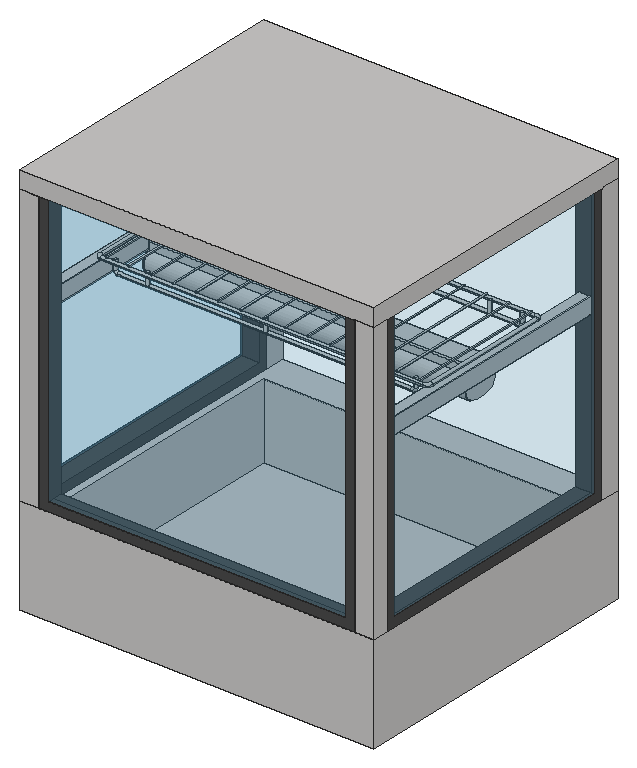
Revit family "QF_FESTIVE_DB7", category Specialty Equipment, Revit 2020
Family settings
  Round Connector Dimension = Use Diameter
  Part Type = Normal
  Work Plane-Based = No
  Always vertical = Yes
  Cut with Voids When Loaded = No
  Shared = No
  Room Calculation Point = No
Parameters (values of type "DB7")
  Weight in Pounds = 0
  Watts = if(Phase = 3, Volts * FL Amps * 1.73, Volts * FL Amps)  # 1914 W
  Volts = 220 V
  URL Cutsheet = ""
  Specification by User = ""
  Specification by Manufacturer = ""
  Serial Number = ""
  Seismic Rating = ""
  SMACNA No = ""
  Revision Code = ""
  Phase = 1
  Number of Poles = 1
  No. of Rail [instance] = Length / 50.8 mm  # 15
  NAFEM Spec ID Number = ""
  Model = "DB7"
  Min Ckt Ampacity = 0 A
  Max Overcurrent Protection = 0 A
  Masterspec = ""
  Manufacturer = "FESTIVE"
  Length = 745 mm
  Item Number = ""
  Installed By = ""
  Identify Quantity as Lot = yes
  Height = 830 mm
  HP = ""
  Furnished By = ""
  Foodservice Equipment Identifier = yes
  FL Amps = 8.7 A
  Electrical Remarks = ""
  Electric Connection Type = ""
  Elec Conn RI Height = 0 mm
  Elec Conn Connection Height = 0 mm
  Description = "DEVON: BAIN MARIE"
  Depth = 640 mm
  Default Elevation = 0 mm
  Cycle = 50 Hz
  Conn Plug = ""
  Conn Conduit = yes
  CSI MasterFormat = ""
  Apparent Power = if(Phase = 3, Volts * FL Amps * 1.73, Volts * FL Amps)  # 1914 VA
Reference planes
  plane 1 "BACK": y = 0
  plane 2: z = 0
  plane 3 "LEFT": x = 0
  plane 4 "RIGHT": x = 745
  plane 5 "FRONT": y = -640
  plane 6 "TOP": z = 830
  plane 7 "Center Y": x = 372.5
  plane 8 "Center X": y = -320
  plane 9: z = 205
  plane 10: x = 1459.9
  plane 11: x = 40.989
  plane 12: x = 704.011
Forms (mm)
  Extrusion 1, solid, material "QF_Metal - Stainless - Satin"
    sketch origin (0, 0, 0) x (0, 1, 0) y (0, 0, 1)
      loop
        line (0, 793) -> (0, 830) -> (-640, 830) -> (-640, 793) -> (0, 793)
    from 0 to 745
  Extrusion 2, solid, material "QF_Metal - Stainless - Satin"
    sketch origin (0, 0, 0) x (0, 1, 0) y (0, 0, 1)
      loop
        line (0, 793) -> (-40.1, 793) -> (-40.1, 205) -> (0, 205) -> (0, 793)
    from 0 to 40.1
  Extrusion 3, solid, material "QF_Metal - Stainless - Satin"
    sketch origin (0, 0, 0) x (0, 1, 0) y (0, 0, 1)
      loop
        line (-608, 793) -> (-640, 793) -> (-640, 205) -> (-608, 205) -> (-608, 793)
    from 0 to 40.1
  Extrusion 4, solid, material "QF_Metal - Stainless - Satin"
    sketch origin (745, 0, 0) x (0, -1, 0) y (0, 0, 1)
      loop
        line (0, 793) -> (0, 205) -> (40.1, 205) -> (40.1, 793) -> (0, 793)
    from 0 to 40.1
  Extrusion 5, solid, material "QF_Plastic - Black - Smooth"
    sketch origin (0, -640, 205) x (0, 0, -1) y (1, 0, 0)
      loop
        line (-588, 40.1) -> (0, 40.1) -> (0, 704.9) -> (-588, 704.9) -> (-588, 684.9) -> (-20, 684.9) -> (-20, 60.1) -> (-588, 60.1) -> (-588, 40.1)
    from 0 to -32
  Extrusion 6, solid, material "Glass"
    sketch origin (0, -640, 205) x (0, 0, -1) y (1, 0, 0)
      loop
        line (-588, 60.1) -> (-20, 60.1) -> (-20, 684.9) -> (-588, 684.9) -> (-588, 60.1)
    from 0 to -10
  Extrusion 7, solid, material "QF_Plastic - Black - Smooth"
    sketch origin (0, 0, 0) x (0, -1, 0) y (0, 0, 1)
      loop
        line (40.1, 793) -> (40.1, 205) -> (608, 205) -> (608, 793) -> (588, 793) -> (588, 225) -> (60.1, 225) -> (60.1, 793) -> (40.1, 793)
    from 0 to -40.1
  Extrusion 8, solid, material "Glass"
    sketch origin (0, 0, 0) x (0, 1, 0) y (0, 0, -1)
      loop
        line (-588, -793) -> (-60.1, -793) -> (-60.1, -225) -> (-588, -225) -> (-588, -793)
    from 0 to -5.1
  Sweep 9, solid, material "QF_Metal - Stainless - Satin"
    path origin (0, 0, 598.437) x (1, 0, 0) y (0, 1, 0)
      loop
        arc (33.118, -173.147) -> (27.808, -175.347) -> (25.609, -180.657) r 7.509
        line (25.609, -180.657) -> (25.609, -458.823)
        arc (25.609, -458.823) -> (27.805, -464.127) -> (33.109, -466.323) r 7.5
        line (33.109, -466.323) -> (711.437, -466.323)
        arc (711.437, -466.323) -> (716.741, -464.127) -> (718.937, -458.823) r 7.5
        line (718.937, -458.823) -> (718.937, -180.647)
        arc (718.937, -180.647) -> (716.741, -175.344) -> (711.437, -173.147) r 7.5
        line (711.437, -173.147) -> (33.118, -173.147)
    profile origin (372.278, -173.147, 598.437) x (0, 1, 0) y (0, 0, 1)
      loop
        circle (0.813, 0) r 3.5
  Sweep 10, solid, material "QF_Metal - Stainless - Satin"
    path origin (0, -459.587, 0) x (1, 0, 0) y (0, 0, 1)
      loop
        line (56, 600.75) -> (56, 583.379)
        arc (56, 583.379) -> (58.255, 577.934) -> (63.7, 575.679) r 7.7
        line (63.7, 575.679) -> (681.29, 575.679)
        arc (681.29, 575.679) -> (686.742, 577.937) -> (689, 583.389) r 7.71
        line (689, 583.389) -> (689, 600.75)
    profile origin (56, -459.587, 592.064) x (0, -1, 0) y (1, 0, 0)
      loop
        circle (0, 0) r 3.5
  Extrusion 11, solid, material "QF_Metal - Stainless - Satin"
    sketch origin (-90, 0, 0) x (1, 0, 0) y (0, 1, 0)
      loop
        circle (214.245, -459.502) r 3.409
    from 576.5 to 600.75
  Extrusion 12, solid, material "QF_Metal - Stainless - Satin"
    sketch origin (483.255, 0, 0) x (1, 0, 0) y (0, 1, 0)
      loop
        circle (-110.755, -459.502) r 3.409
    from 576.5 to 600.75
  Extrusion 13, solid, material "QF_Metal - Stainless - Satin"
    sketch origin (0, 0, 0) x (1, 0, 0) y (0, 0, 1)
      loop
        circle (42.498, 603.487) r 1.509
    from 173.5 to 466.5
  Sweep 14, solid, material "QF_Metal - Stainless - Satin"
    path origin (0, -180.413, 0) x (1, 0, 0) y (0, 0, -1)
      loop
        line (56, -600.75) -> (56, -583.379)
        arc (56, -583.379) -> (58.255, -577.934) -> (63.7, -575.679) r 7.7
        line (63.7, -575.679) -> (681.29, -575.679)
        arc (681.29, -575.679) -> (686.742, -577.937) -> (689, -583.389) r 7.71
        line (689, -583.389) -> (689, -600.75)
    profile origin (56, -180.413, 592.064) x (0, 1, 0) y (-1, 0, 0)
      loop
        circle (0, 0) r 3.5
  Extrusion 15, solid, material "QF_Metal - Stainless - Satin"
    sketch origin (-90, -640, 0) x (1, 0, 0) y (0, 1, 0)
      loop
        circle (214.245, 459.502) r 3.409
    from 576.5 to 600.75
  Extrusion 16, solid, material "QF_Metal - Stainless - Satin"
    sketch origin (483.255, -640, 0) x (1, 0, 0) y (0, 1, 0)
      loop
        circle (-110.755, 459.502) r 3.409
    from 576.5 to 600.75
  Extrusion 17, solid, material "QF_Metal - Stainless - Satin"
    sketch origin (0, -650.445, 0) x (1, 0, 0) y (0, -1, 0)
      loop
        line (745, -10.445) -> (0, -10.445) -> (0, -650.445) -> (745, -650.445) -> (745, -10.445)
      loop
        line (57, -65.445) -> (57, -580.445) -> (690, -580.445) -> (690, -65.445) -> (57, -65.445)
    from 0 to -205
  Extrusion 18, solid, material "QF_Metal - Stainless - Satin"
    sketch origin (0, -650.445, 0) x (0, 1, 0) y (1, 0, 0)
      loop
        line (65.445, 57) -> (580.445, 57) -> (580.445, 690) -> (65.445, 690) -> (65.445, 57)
    from 0 to -47
  Extrusion 19, solid, material "QF_Metal - Stainless - Satin"
    sketch origin (347, 0, -216.078) x (0, 1, 0) y (0, 0, 1)
      loop
        line (-345, 792.076) -> (-345, 776.085)
        arc (-345, 776.085) -> (-357.596, 753.232) -> (-345, 730.378) r 27.029
        arc (-345, 730.378) -> (-320, 727.581) -> (-295, 730.378) r 113.108
        arc (-295, 730.378) -> (-282.404, 753.232) -> (-295, 776.085) r 27.029
        line (-295, 776.085) -> (-295, 792.076)
        arc (-295, 792.076) -> (-295.856, 794.144) -> (-297.924, 795) r 2.924
        line (-297.924, 795) -> (-342.076, 795)
        arc (-342.076, 795) -> (-344.144, 794.144) -> (-345, 792.076) r 2.924
    from -313 to 364
  Extrusion 20, solid, material "QF_Metal - Stainless - Satin"
    sketch origin (-28, 0, -216.078) x (0, 1, 0) y (0, 0, 1)
      loop
        arc (-295, 792.076) -> (-295.856, 794.144) -> (-297.924, 795) r 2.924
        line (-297.924, 795) -> (-342.076, 795)
        arc (-342.076, 795) -> (-344.144, 794.144) -> (-345, 792.076) r 2.924
        line (-345, 792.076) -> (-345, 776.085)
        arc (-345, 776.085) -> (-357.596, 753.232) -> (-345, 730.378) r 27.029
        arc (-345, 730.378) -> (-320, 727.581) -> (-295, 730.378) r 113.108
        arc (-295, 730.378) -> (-282.404, 753.232) -> (-295, 776.085) r 27.029
        line (-295, 776.085) -> (-295, 792.076)
      loop
        arc (-298.5, 786) -> (-298.793, 786.707) -> (-299.5, 787) r 1
        line (-299.5, 787) -> (-301.5, 787)
        arc (-301.5, 787) -> (-302.207, 786.707) -> (-302.5, 786) r 1
        line (-302.5, 786) -> (-302.5, 774)
        arc (-302.5, 774) -> (-302.207, 773.293) -> (-301.5, 773) r 1
        line (-301.5, 773) -> (-299.5, 773)
        arc (-299.5, 773) -> (-298.793, 773.293) -> (-298.5, 774) r 1
        line (-298.5, 774) -> (-298.5, 786)
      loop
        arc (-305, 786) -> (-305.293, 786.707) -> (-306, 787) r 1
        line (-306, 787) -> (-308, 787)
        arc (-308, 787) -> (-308.707, 786.707) -> (-309, 786) r 1
        line (-309, 786) -> (-309, 774)
        arc (-309, 774) -> (-308.707, 773.293) -> (-308, 773) r 1
        line (-308, 773) -> (-306, 773)
        arc (-306, 773) -> (-305.293, 773.293) -> (-305, 774) r 1
        line (-305, 774) -> (-305, 786)
      loop
        arc (-311.5, 786) -> (-311.793, 786.707) -> (-312.5, 787) r 1
        line (-312.5, 787) -> (-314.5, 787)
        arc (-314.5, 787) -> (-315.207, 786.707) -> (-315.5, 786) r 1
        line (-315.5, 786) -> (-315.5, 774)
        arc (-315.5, 774) -> (-315.207, 773.293) -> (-314.5, 773) r 1
        line (-314.5, 773) -> (-312.5, 773)
        arc (-312.5, 773) -> (-311.793, 773.293) -> (-311.5, 774) r 1
        line (-311.5, 774) -> (-311.5, 786)
      loop
        arc (-318, 786) -> (-318.293, 786.707) -> (-319, 787) r 1
        line (-319, 787) -> (-321, 787)
        arc (-321, 787) -> (-321.707, 786.707) -> (-322, 786) r 1
        line (-322, 786) -> (-322, 774)
        arc (-322, 774) -> (-321.707, 773.293) -> (-321, 773) r 1
        line (-321, 773) -> (-319, 773)
        arc (-319, 773) -> (-318.293, 773.293) -> (-318, 774) r 1
        line (-318, 774) -> (-318, 786)
      loop
        arc (-324.5, 786) -> (-324.793, 786.707) -> (-325.5, 787) r 1
        line (-325.5, 787) -> (-327.5, 787)
        arc (-327.5, 787) -> (-328.207, 786.707) -> (-328.5, 786) r 1
        line (-328.5, 786) -> (-328.5, 774)
        arc (-328.5, 774) -> (-328.207, 773.293) -> (-327.5, 773) r 1
        line (-327.5, 773) -> (-325.5, 773)
        arc (-325.5, 773) -> (-324.793, 773.293) -> (-324.5, 774) r 1
        line (-324.5, 774) -> (-324.5, 786)
      loop
        arc (-331, 786) -> (-331.293, 786.707) -> (-332, 787) r 1
        line (-332, 787) -> (-334, 787)
        arc (-334, 787) -> (-334.707, 786.707) -> (-335, 786) r 1
        line (-335, 786) -> (-335, 774)
        arc (-335, 774) -> (-334.707, 773.293) -> (-334, 773) r 1
        line (-334, 773) -> (-332, 773)
        arc (-332, 773) -> (-331.293, 773.293) -> (-331, 774) r 1
        line (-331, 774) -> (-331, 786)
      loop
        arc (-337.5, 786) -> (-337.793, 786.707) -> (-338.5, 787) r 1
        line (-338.5, 787) -> (-340.5, 787)
        arc (-340.5, 787) -> (-341.207, 786.707) -> (-341.5, 786) r 1
        line (-341.5, 786) -> (-341.5, 774)
        arc (-341.5, 774) -> (-341.207, 773.293) -> (-340.5, 773) r 1
        line (-340.5, 773) -> (-338.5, 773)
        arc (-338.5, 773) -> (-337.793, 773.293) -> (-337.5, 774) r 1
        line (-337.5, 774) -> (-337.5, 786)
    from 60.1 to 62
  Extrusion 21, solid, material "QF_Metal - Stainless - Satin", not visible
    sketch origin (0, 0, 201.118) x (0, 0, 1) y (1, 0, 0)
      loop
        line (-111.118, 1185.678) -> (-211.118, 1185.678) -> (-211.118, 855.678) -> (-111.118, 855.678) -> (-111.118, 1185.678)
    from 0 to 1.5
  Extrusion 22, solid, material "QF_Plastic - Black - Smooth", not visible
    sketch origin (37.803, 1.5, 184.282) x (0, 0, 1) y (1, 0, 0)
      loop
        line (-127.243, 1007.875) -> (-159.243, 1007.875) -> (-159.243, 993.875) -> (-127.243, 993.875) -> (-127.243, 1007.875)
      loop
        line (-155.243, 1004.875) -> (-155.243, 996.875) -> (-131.243, 996.875) -> (-131.243, 1004.875) -> (-155.243, 1004.875)
      loop
        circle (-144.275, 967.799) r 8.453
    from 0 to 1.5
  Extrusion 23, solid, material "QF_Plastic - Red - Smooth", not visible
    sketch origin (951.803, 1.5, 44.163) x (0, 0, -1) y (0, 1, 0)
      loop
        line (-10.247, 1.5) -> (15.125, 1.5) -> (15.125, 5.552)
        arc (15.125, 5.552) -> (2.51, 3.618) -> (-10.247, 3.224) r 105.368
        line (-10.247, 3.224) -> (-10.247, 1.5)
    from 82.875 to 90.875
  Revolve 24, solid, material "QF_Metal - Stainless - Satin", not visible
    sketch origin (955.614, 0, -14.69) x (0, 1, 0) y (0, 0, 1)
      loop
        line (9.399, 54.68) -> (9.399, 69.967) -> (3.413, 80.768) -> (1.5, 80.768) -> (1.5, 54.68) -> (9.399, 54.68)
      axis (1.5, 54.68) -> (9.399, 54.68)
    angle from 0 to 360
  Extrusion 25, solid, material "QF_Metal - Stainless - Satin", not visible
    sketch origin (955.614, 9.399, 39.989) x (-1, 0, 0) y (0, 0, 1)
      loop
        arc (0, 15.288) -> (-2.018, 15.154) -> (-4, 14.755) r 15.288
        line (-4, 14.755) -> (-4, -14.755)
        arc (-4, -14.755) -> (-2.018, -15.154) -> (0, -15.288) r 15.288
        arc (0, -15.288) -> (2.018, -15.154) -> (4, -14.755) r 15.288
        line (4, -14.755) -> (4, 14.755)
        arc (4, 14.755) -> (2.018, 15.154) -> (0, 15.288) r 15.288
    from 0 to 14.801
  Extrusion 26, solid, material "QF_Plastic - Red - Smooth", not visible
    sketch origin (37.803, 3, 184.282) x (0, 0, 1) y (1, 0, 0)
      loop
        circle (-144.275, 967.799) r 6.5
    from 0 to 4.052
  Extrusion 27, solid, material "QF_Metal - Stainless - Satin"
    sketch origin (0, -60.1, 753) x (0, 0, 1) y (-1, 0, 0)
      loop
        arc (-157.938, -9.475) -> (-158.37, -8.432) -> (-159.413, -8) r 1.475
        line (-159.413, -8) -> (-192.5, -8)
        arc (-192.5, -8) -> (-193.561, -8.439) -> (-194, -9.5) r 1.5
        line (-194, -9.5) -> (-194, -30.6)
        arc (-194, -30.6) -> (-193.561, -31.661) -> (-192.5, -32.1) r 1.5
        line (-192.5, -32.1) -> (-159.438, -32.1)
        arc (-159.438, -32.1) -> (-158.377, -31.661) -> (-157.938, -30.6) r 1.5
        line (-157.938, -30.6) -> (-157.938, -9.475)
      loop
        line (-157.938, -735.525) -> (-157.938, -714.4)
        arc (-157.938, -714.4) -> (-158.377, -713.339) -> (-159.438, -712.9) r 1.5
        line (-159.438, -712.9) -> (-192.5, -712.9)
        arc (-192.5, -712.9) -> (-193.561, -713.339) -> (-194, -714.4) r 1.5
        line (-194, -714.4) -> (-194, -735.5)
        arc (-194, -735.5) -> (-193.561, -736.561) -> (-192.5, -737) r 1.5
        line (-192.5, -737) -> (-159.413, -737)
        arc (-159.413, -737) -> (-158.37, -736.568) -> (-157.938, -735.525) r 1.475
    from 0 to 527.9
  Extrusion 28, solid, material "QF_Plastic - Black - Smooth"
    sketch origin (745, 0, 0) x (0, -1, 0) y (0, 0, 1)
      loop
        line (40.1, 793) -> (40.1, 205) -> (608, 205) -> (608, 793) -> (588, 793) -> (588, 225) -> (60.1, 225) -> (60.1, 793) -> (40.1, 793)
    from 40 to 0
  Extrusion 29, solid, material "Glass"
    sketch origin (745, 0, 0) x (0, -1, 0) y (0, 0, 1)
      loop
        line (588, 793) -> (60.1, 793) -> (60.1, 225) -> (588, 225) -> (588, 793)
    from 5 to 0
  Extrusion 30, solid, material "QF_Metal - Stainless - Satin"
    sketch origin (-648.178, 0, 216.118) x (0, 0, 1) y (1, 0, 0)
      loop
        line (-111.118, 1185.678) -> (-211.118, 1185.678) -> (-211.118, 855.678) -> (-111.118, 855.678) -> (-111.118, 1185.678)
    from 0 to 1.5
  Extrusion 31, solid, material "QF_Plastic - Black - Smooth"
    sketch origin (-610.375, 1.5, 199.282) x (0, 0, 1) y (1, 0, 0)
      loop
        line (-127.243, 1007.875) -> (-159.243, 1007.875) -> (-159.243, 993.875) -> (-127.243, 993.875) -> (-127.243, 1007.875)
      loop
        line (-155.243, 1004.875) -> (-155.243, 996.875) -> (-131.243, 996.875) -> (-131.243, 1004.875) -> (-155.243, 1004.875)
      loop
        circle (-144.275, 967.799) r 8.453
    from 0 to 1.5
  Extrusion 32, solid, material "QF_Plastic - Red - Smooth"
    sketch origin (303.625, 1.5, 59.163) x (0, 0, -1) y (0, 1, 0)
      loop
        line (-10.247, 1.5) -> (15.125, 1.5) -> (15.125, 5.552)
        arc (15.125, 5.552) -> (2.51, 3.618) -> (-10.247, 3.224) r 105.368
        line (-10.247, 3.224) -> (-10.247, 1.5)
    from 82.875 to 90.875
  Revolve 33, solid, material "QF_Metal - Stainless - Satin"
    sketch origin (307.436, 0, 0.31) x (0, 1, 0) y (0, 0, 1)
      loop
        line (9.399, 54.68) -> (9.399, 69.967) -> (3.413, 80.768) -> (1.5, 80.768) -> (1.5, 54.68) -> (9.399, 54.68)
      axis (1.5, 54.68) -> (9.399, 54.68)
    angle from 0 to 360
  Extrusion 34, solid, material "QF_Metal - Stainless - Satin"
    sketch origin (307.436, 9.399, 54.989) x (-1, 0, 0) y (0, 0, 1)
      loop
        arc (0, 15.288) -> (-2.018, 15.154) -> (-4, 14.755) r 15.288
        line (-4, 14.755) -> (-4, -14.755)
        arc (-4, -14.755) -> (-2.018, -15.154) -> (0, -15.288) r 15.288
        arc (0, -15.288) -> (2.018, -15.154) -> (4, -14.755) r 15.288
        line (4, -14.755) -> (4, 14.755)
        arc (4, 14.755) -> (2.018, 15.154) -> (0, 15.288) r 15.288
    from 0 to 14.801
  Extrusion 35, solid, material "QF_Plastic - Red - Smooth"
    sketch origin (-610.375, 3, 199.282) x (0, 0, 1) y (1, 0, 0)
      loop
        circle (-144.275, 967.799) r 6.5
    from 0 to 4.052
  Extrusion 36, solid, material "QF_Metal - Stainless - Satin"
    sketch origin (1160, 0, 0) x (-1, 0, 0) y (0, -1, 0)
      loop
        circle (539.245, 459.502) r 3.409
    from 576.5 to 600.75
  Extrusion 37, solid, material "QF_Metal - Stainless - Satin"
    sketch origin (1160, -640, 0) x (-1, 0, 0) y (0, -1, 0)
      loop
        circle (539.245, -459.502) r 3.409
    from 576.5 to 600.75
  Extrusion 38, solid, material "QF_Metal - Stainless - Satin"
    sketch origin (773, 0, -216.078) x (0, 1, 0) y (0, 0, -1)
      loop
        line (-295, -792.076) -> (-295, -776.085)
        arc (-295, -776.085) -> (-282.404, -753.232) -> (-295, -730.378) r 27.029
        arc (-295, -730.378) -> (-320, -727.581) -> (-345, -730.378) r 113.108
        arc (-345, -730.378) -> (-357.596, -753.232) -> (-345, -776.085) r 27.029
        line (-345, -776.085) -> (-345, -792.076)
        arc (-345, -792.076) -> (-344.144, -794.144) -> (-342.076, -795) r 2.924
        line (-342.076, -795) -> (-297.924, -795)
        arc (-297.924, -795) -> (-295.856, -794.144) -> (-295, -792.076) r 2.924
      loop
        line (-298.5, -786) -> (-298.5, -774)
        arc (-298.5, -774) -> (-298.793, -773.293) -> (-299.5, -773) r 1
        line (-299.5, -773) -> (-301.5, -773)
        arc (-301.5, -773) -> (-302.207, -773.293) -> (-302.5, -774) r 1
        line (-302.5, -774) -> (-302.5, -786)
        arc (-302.5, -786) -> (-302.207, -786.707) -> (-301.5, -787) r 1
        line (-301.5, -787) -> (-299.5, -787)
        arc (-299.5, -787) -> (-298.793, -786.707) -> (-298.5, -786) r 1
      loop
        line (-305, -786) -> (-305, -774)
        arc (-305, -774) -> (-305.293, -773.293) -> (-306, -773) r 1
        line (-306, -773) -> (-308, -773)
        arc (-308, -773) -> (-308.707, -773.293) -> (-309, -774) r 1
        line (-309, -774) -> (-309, -786)
        arc (-309, -786) -> (-308.707, -786.707) -> (-308, -787) r 1
        line (-308, -787) -> (-306, -787)
        arc (-306, -787) -> (-305.293, -786.707) -> (-305, -786) r 1
      loop
        line (-311.5, -786) -> (-311.5, -774)
        arc (-311.5, -774) -> (-311.793, -773.293) -> (-312.5, -773) r 1
        line (-312.5, -773) -> (-314.5, -773)
        arc (-314.5, -773) -> (-315.207, -773.293) -> (-315.5, -774) r 1
        line (-315.5, -774) -> (-315.5, -786)
        arc (-315.5, -786) -> (-315.207, -786.707) -> (-314.5, -787) r 1
        line (-314.5, -787) -> (-312.5, -787)
        arc (-312.5, -787) -> (-311.793, -786.707) -> (-311.5, -786) r 1
      loop
        line (-318, -786) -> (-318, -774)
        arc (-318, -774) -> (-318.293, -773.293) -> (-319, -773) r 1
        line (-319, -773) -> (-321, -773)
        arc (-321, -773) -> (-321.707, -773.293) -> (-322, -774) r 1
        line (-322, -774) -> (-322, -786)
        arc (-322, -786) -> (-321.707, -786.707) -> (-321, -787) r 1
        line (-321, -787) -> (-319, -787)
        arc (-319, -787) -> (-318.293, -786.707) -> (-318, -786) r 1
      loop
        line (-324.5, -786) -> (-324.5, -774)
        arc (-324.5, -774) -> (-324.793, -773.293) -> (-325.5, -773) r 1
        line (-325.5, -773) -> (-327.5, -773)
        arc (-327.5, -773) -> (-328.207, -773.293) -> (-328.5, -774) r 1
        line (-328.5, -774) -> (-328.5, -786)
        arc (-328.5, -786) -> (-328.207, -786.707) -> (-327.5, -787) r 1
        line (-327.5, -787) -> (-325.5, -787)
        arc (-325.5, -787) -> (-324.793, -786.707) -> (-324.5, -786) r 1
      loop
        line (-331, -786) -> (-331, -774)
        arc (-331, -774) -> (-331.293, -773.293) -> (-332, -773) r 1
        line (-332, -773) -> (-334, -773)
        arc (-334, -773) -> (-334.707, -773.293) -> (-335, -774) r 1
        line (-335, -774) -> (-335, -786)
        arc (-335, -786) -> (-334.707, -786.707) -> (-334, -787) r 1
        line (-334, -787) -> (-332, -787)
        arc (-332, -787) -> (-331.293, -786.707) -> (-331, -786) r 1
      loop
        line (-337.5, -786) -> (-337.5, -774)
        arc (-337.5, -774) -> (-337.793, -773.293) -> (-338.5, -773) r 1
        line (-338.5, -773) -> (-340.5, -773)
        arc (-340.5, -773) -> (-341.207, -773.293) -> (-341.5, -774) r 1
        line (-341.5, -774) -> (-341.5, -786)
        arc (-341.5, -786) -> (-341.207, -786.707) -> (-340.5, -787) r 1
        line (-340.5, -787) -> (-338.5, -787)
        arc (-338.5, -787) -> (-337.793, -786.707) -> (-337.5, -786) r 1
    from 60.1 to 62
  Extrusion 39, solid, material "QF_Metal - Stainless - Satin"
    sketch origin (0, 0, 0) x (1, 0, 0) y (0, 0, -1)
      loop
        circle (56, -30) r 6.35
    from 0 to 3.2
  Extrusion 40, solid, material "QF_Metal - Stainless - Satin"
    sketch origin (745, 0, 0) x (0, -1, 0) y (0, 0, 1)
      loop
        line (608, 793) -> (608, 205) -> (640, 205) -> (640, 793) -> (608, 793)
    from 0 to 40.1
  Extrusion 41, solid, material "QF_Metal - Stainless - Satin"
    sketch origin (660.003, 0, 0) x (1, 0, 0) y (0, 0, 1)
      loop
        circle (42.498, 603.487) r 1.509
    from 173.5 to 466.5
  Extrusion 42, solid, material "QF_Metal - Stainless - Satin"
    sketch origin (47.143, 0, 0) x (1, 0, 0) y (0, 0, 1)
      loop
        circle (42.498, 603.487) r 1.509
    from 173.5 to 466.5
  Extrusion 43, solid, material "QF_Metal - Stainless - Satin"
    sketch origin (94.286, 0, 0) x (1, 0, 0) y (0, 0, 1)
      loop
        circle (42.498, 603.487) r 1.509
    from 173.5 to 466.5
  Extrusion 44, solid, material "QF_Metal - Stainless - Satin"
    sketch origin (141.429, 0, 0) x (1, 0, 0) y (0, 0, 1)
      loop
        circle (42.498, 603.487) r 1.509
    from 173.5 to 466.5
  Extrusion 45, solid, material "QF_Metal - Stainless - Satin"
    sketch origin (188.572, 0, 0) x (1, 0, 0) y (0, 0, 1)
      loop
        circle (42.498, 603.487) r 1.509
    from 173.5 to 466.5
  Extrusion 46, solid, material "QF_Metal - Stainless - Satin"
    sketch origin (235.716, 0, 0) x (1, 0, 0) y (0, 0, 1)
      loop
        circle (42.498, 603.487) r 1.509
    from 173.5 to 466.5
  Extrusion 47, solid, material "QF_Metal - Stainless - Satin"
    sketch origin (282.859, 0, 0) x (1, 0, 0) y (0, 0, 1)
      loop
        circle (42.498, 603.487) r 1.509
    from 173.5 to 466.5
  Extrusion 48, solid, material "QF_Metal - Stainless - Satin"
    sketch origin (330.002, 0, 0) x (1, 0, 0) y (0, 0, 1)
      loop
        circle (42.498, 603.487) r 1.509
    from 173.5 to 466.5
  Extrusion 49, solid, material "QF_Metal - Stainless - Satin"
    sketch origin (377.145, 0, 0) x (1, 0, 0) y (0, 0, 1)
      loop
        circle (42.498, 603.487) r 1.509
    from 173.5 to 466.5
  Extrusion 50, solid, material "QF_Metal - Stainless - Satin"
    sketch origin (424.288, 0, 0) x (1, 0, 0) y (0, 0, 1)
      loop
        circle (42.498, 603.487) r 1.509
    from 173.5 to 466.5
  Extrusion 51, solid, material "QF_Metal - Stainless - Satin"
    sketch origin (471.431, 0, 0) x (1, 0, 0) y (0, 0, 1)
      loop
        circle (42.498, 603.487) r 1.509
    from 173.5 to 466.5
  Extrusion 52, solid, material "QF_Metal - Stainless - Satin"
    sketch origin (518.574, 0, 0) x (1, 0, 0) y (0, 0, 1)
      loop
        circle (42.498, 603.487) r 1.509
    from 173.5 to 466.5
  Extrusion 53, solid, material "QF_Metal - Stainless - Satin"
    sketch origin (565.717, 0, 0) x (1, 0, 0) y (0, 0, 1)
      loop
        circle (42.498, 603.487) r 1.509
    from 173.5 to 466.5
  Extrusion 54, solid, material "QF_Metal - Stainless - Satin"
    sketch origin (612.86, 0, 0) x (1, 0, 0) y (0, 0, 1)
      loop
        circle (42.498, 603.487) r 1.509
    from 173.5 to 466.5
Cuts and joins
  joined: Extrusion 17, Extrusion 18
Lines and regions (mm)
  symbolic lines
    curve 1: line (0, 0, 0) -> (745, 0, 0)
    curve 2: line (0, -640, 0) -> (0, 0, 0)
    curve 3: line (745, -640, 0) -> (0, -640, 0)
    curve 4: line (745, 0, 0) -> (745, -640, 0)
Dimensions and locks
  equal spacing: plane 3 "LEFT", plane 7 "Center Y", plane 4 "RIGHT"
  "Length": plane 3 "LEFT" to plane 4 "RIGHT"
  equal spacing: plane 5 "FRONT", plane 8 "Center X", plane 1 "BACK"
  "Depth": plane 5 "FRONT" to plane 1 "BACK"
  "Height": plane 6 "TOP" to level
  plane 9 to plane 2 = 205 mm  (x2)
  plane 6 "TOP" to plane 9 = 625 mm  (x2)
  plane 1 "BACK" to plane 5 "FRONT" = 640 mm
  Extrusion 39 sketch curve to plane 3 "LEFT" = 56 mm
  level to Extrusion 39 sketch curve = 30 mm
  Extrusion 27 sketch curve to Extrusion 27 sketch curve to plane 4 "RIGHT" = 24.1 mm locked, 8 mm locked
  Extrusion 38 to Extrusion 38 to plane 4 "RIGHT" = 1.9 mm locked, 32.1 mm locked
  Extrusion 5 sketch curve to Extrusion 5 sketch curve to plane 4 "RIGHT" = 20 mm locked, 40.1 mm locked
  locked: Extrusion 6 sketch curve to plane 4 "RIGHT" at 60.1
  equal spacing: group 3, group 5, group 6, group 7, group 8, group 9, group 10, group 11, group 12, group 13, group 14, group 15, group 16, group 17, group 4  (x3)
  locked: plane 12 to plane 4 "RIGHT" at 40.989
  locked: Extrusion 30 to plane 7 "Center Y" at 165
  aligned and locked: level to plane 2
  aligned and locked: Extrusion 19 to Extrusion 38
  aligned and locked: Extrusion 1 to plane 4 "RIGHT"
  aligned and locked: plane 12 to Extrusion 41
Automatic sketch dimensions
  Extrusion 23 sketch curve to Extrusion 23 sketch curve = 25.372 mm
  Extrusion 23 sketch curve to Extrusion 23 sketch curve = 1.724 mm
  Extrusion 23 sketch curve to Extrusion 23 sketch curve = 4.052 mm
  Revolve 24 sketch curve to Revolve 24 sketch curve = 1.913 mm
  Revolve 24 sketch curve to Revolve 24 sketch curve = 15.288 mm
  Revolve 24 sketch curve to Revolve 24 sketch curve = 10.8 mm
  Revolve 24 sketch curve to Revolve 24 sketch curve = 3.129 mm
  Revolve 24 sketch curve to Revolve 24 sketch curve = 16.871 mm
  Revolve 24 sketch curve to Revolve 24 sketch curve = 0 mm
  Extrusion 25 sketch curve to Extrusion 25 sketch curve = 0 mm  (x2)
  Revolve 24 to Extrusion 25 sketch curve = 4 mm
  Extrusion 25 sketch curve to Revolve 24 = 4 mm
  Extrusion 21 sketch curve to Extrusion 21 sketch curve = 100 mm
  Extrusion 23 sketch curve to Extrusion 23 sketch curve = 3.127 mm
  Revolve 24 sketch curve to Revolve 24 sketch curve = 5.987 mm
  Extrusion 32 sketch curve to Extrusion 32 sketch curve = 25.372 mm
  Extrusion 32 sketch curve to Extrusion 32 sketch curve = 1.724 mm
  Extrusion 32 sketch curve to Extrusion 32 sketch curve = 4.052 mm
  Revolve 33 sketch curve to Revolve 33 sketch curve = 1.913 mm
  Revolve 33 sketch curve to Revolve 33 sketch curve = 15.288 mm
  Revolve 33 sketch curve to Revolve 33 sketch curve = 10.8 mm
  Revolve 33 sketch curve to Revolve 33 sketch curve = 3.129 mm
  Revolve 33 sketch curve to Revolve 33 sketch curve = 16.871 mm
  Revolve 33 sketch curve to Revolve 33 sketch curve = 0 mm
  Extrusion 34 sketch curve to Extrusion 34 sketch curve = 0 mm  (x2)
  Revolve 33 to Extrusion 34 sketch curve = 4 mm
  Extrusion 34 sketch curve to Revolve 33 = 4 mm
  Extrusion 30 sketch curve to Extrusion 30 sketch curve = 100 mm
  Extrusion 32 sketch curve to Extrusion 32 sketch curve = 3.127 mm
  Revolve 33 sketch curve to Revolve 33 sketch curve = 5.987 mm
  Extrusion 30 sketch curve to Extrusion 30 sketch curve = 330 mm
  Extrusion 31 sketch curve to Extrusion 31 sketch curve = 4 mm  (x2)
  Extrusion 31 sketch curve to Extrusion 31 sketch curve = 14.968 mm
  Extrusion 31 sketch curve to Extrusion 31 sketch curve = 24 mm
  Extrusion 31 sketch curve to Extrusion 31 sketch curve = 26.076 mm
  Extrusion 31 sketch curve to Extrusion 31 sketch curve = 3 mm  (x2)
  Extrusion 31 sketch curve to Extrusion 31 sketch curve = 8 mm
  Extrusion 21 sketch curve to Extrusion 21 sketch curve = 330 mm
  Extrusion 22 sketch curve to Extrusion 22 sketch curve = 4 mm  (x2)
  Extrusion 22 sketch curve to Extrusion 22 sketch curve = 14.968 mm
  Extrusion 22 sketch curve to Extrusion 22 sketch curve = 24 mm
  Extrusion 22 sketch curve to Extrusion 22 sketch curve = 26.076 mm
  Extrusion 22 sketch curve to Extrusion 22 sketch curve = 3 mm  (x2)
  Extrusion 22 sketch curve to Extrusion 22 sketch curve = 8 mm
  curve 3 to plane 3 "LEFT" = 0 mm
  curve 3 to plane 4 "RIGHT" = 0 mm
  plane 5 "FRONT" to curve 3 = 0 mm
  plane 1 "BACK" to curve 2 = 0 mm
  Extrusion 1 sketch curve to plane 5 "FRONT" = 0 mm
  Extrusion 1 sketch curve to plane 1 "BACK" = 0 mm
  Extrusion 1 sketch curve to plane 6 "TOP" = 0 mm
  Extrusion 1 sketch curve to plane 6 "TOP" = 37 mm
  Extrusion 2 sketch curve to plane 9 = 0 mm
  Extrusion 2 sketch curve to plane 1 "BACK" = 0 mm
  Extrusion 2 sketch curve to Extrusion 2 sketch curve = 40.1 mm
  Extrusion 2 sketch curve to plane 6 "TOP" = 37 mm
  Extrusion 3 sketch curve to plane 5 "FRONT" = 0 mm
  Extrusion 3 sketch curve to plane 9 = 0 mm
  Extrusion 3 sketch curve to plane 5 "FRONT" = 32 mm
  Extrusion 3 sketch curve to plane 6 "TOP" = 37 mm
  Extrusion 4 sketch curve to plane 1 "BACK" = 0 mm
  Extrusion 4 sketch curve to plane 9 = 0 mm
  Extrusion 4 sketch curve to Extrusion 4 sketch curve = 40.1 mm
  Extrusion 4 sketch curve to plane 6 "TOP" = 37 mm
  Extrusion 2 to Extrusion 7 sketch curve = 0 mm  (x3)
  Extrusion 7 sketch curve to Extrusion 2 = 0 mm
  Extrusion 2 to Extrusion 7 sketch curve = 20 mm
  Extrusion 7 sketch curve to Extrusion 2 = 20 mm
  Extrusion 7 sketch curve to Extrusion 7 sketch curve = 527.9 mm
  Extrusion 7 sketch curve to Extrusion 7 sketch curve = 20 mm
  plane 9 to Extrusion 8 sketch curve = 20 mm
  Extrusion 8 sketch curve to plane 5 "FRONT" = 52 mm
  plane 1 "BACK" to Extrusion 8 sketch curve = 60.1 mm
  Extrusion 8 sketch curve to plane 6 "TOP" = 37 mm
  plane 3 "LEFT" to Sweep 9 sketch curve = 25.609 mm
  Sweep 9 sketch curve to Sweep 9 sketch curve = 7.5 mm  (x2)
  Sweep 9 sketch curve to Sweep 9 sketch curve = 7.509 mm
  plane 4 "RIGHT" to Sweep 9 sketch curve = 33.563 mm  (x2)
  Sweep 9 sketch curve to plane 8 "Center X" = 146.323 mm
  plane 8 "Center X" to Sweep 9 sketch curve = 139.343 mm
  Sweep 9 sketch curve to profile plane = 0 mm
  Sweep 9 sketch curve to profile plane = 0.813 mm
  plane 3 "LEFT" to Sweep 10 sketch curve = 56 mm
  Sweep 10 sketch curve to Sweep 10 sketch curve = 7.7 mm
  plane 4 "RIGHT" to Sweep 10 sketch curve = 63.71 mm
  Sweep 10 sketch curve to Sweep 10 sketch curve = 7.71 mm
  Sweep 10 sketch curve to plane 6 "TOP" = 254.321 mm
  Sweep 10 sketch curve to Sweep 10 sketch curve = 17.371 mm
  Sweep 10 sketch curve to Sweep 10 sketch curve = 17.361 mm
  Sweep 10 sketch curve to profile plane = 0 mm
  profile plane to Sweep 10 sketch curve = 0 mm
  plane 3 "LEFT" to Extrusion 11 sketch curve = 124.245 mm
  Extrusion 11 sketch curve to plane 8 "Center X" = 139.502 mm
  Extrusion 12 sketch curve to plane 7 "Center Y" = 0 mm
  Extrusion 12 sketch curve to plane 8 "Center X" = 139.502 mm
  plane 3 "LEFT" to Sweep 14 sketch curve = 56 mm
  Sweep 14 sketch curve to Sweep 14 sketch curve = 7.7 mm
  plane 4 "RIGHT" to Sweep 14 sketch curve = 63.71 mm
  Sweep 14 sketch curve to Sweep 14 sketch curve = 7.71 mm
  Sweep 14 sketch curve to plane 6 "TOP" = 246.611 mm
  Sweep 14 sketch curve to Sweep 14 sketch curve = 17.371 mm
  Sweep 14 sketch curve to Sweep 14 sketch curve = 17.361 mm
  Sweep 14 sketch curve to profile plane = 0 mm  (x2)
  Extrusion 15 sketch curve to plane 3 "LEFT" = 124.245 mm
  Extrusion 15 sketch curve to plane 8 "Center X" = 139.502 mm
  Extrusion 16 sketch curve to plane 7 "Center Y" = 0 mm
  Extrusion 16 sketch curve to plane 8 "Center X" = 139.502 mm
  Extrusion 17 sketch curve to plane 3 "LEFT" = 0 mm
  plane 1 "BACK" to Extrusion 17 sketch curve = 0 mm
  Extrusion 17 sketch curve to plane 4 "RIGHT" = 0 mm
  plane 5 "FRONT" to Extrusion 17 sketch curve = 0 mm
  plane 3 "LEFT" to Extrusion 17 sketch curve = 57 mm
  plane 4 "RIGHT" to Extrusion 17 sketch curve = 55 mm
  Extrusion 17 sketch curve to plane 5 "FRONT" = 55 mm
  plane 1 "BACK" to Extrusion 17 sketch curve = 70 mm
  Extrusion 17 to Extrusion 18 sketch curve = 0 mm
  Extrusion 18 sketch curve to Extrusion 17 = 0 mm  (x3)
  Extrusion 19 sketch curve to plane 8 "Center X" = 0 mm
  Extrusion 19 sketch curve to plane 8 "Center X" = 10.567 mm
  Extrusion 19 sketch curve to plane 8 "Center X" = 22.076 mm
  Extrusion 19 sketch curve to Extrusion 19 sketch curve = 2.924 mm  (x2)
  plane 8 "Center X" to Extrusion 19 sketch curve = 10.567 mm
  plane 8 "Center X" to Extrusion 19 sketch curve = 22.076 mm
  Extrusion 19 sketch curve to plane 6 "TOP" = 292.846 mm
  Extrusion 19 sketch curve to Extrusion 19 sketch curve = 0 mm
  Extrusion 19 sketch curve to Extrusion 19 sketch curve = 22.853 mm  (x2)
  Extrusion 19 sketch curve to Extrusion 19 sketch curve = 15.991 mm
  Extrusion 19 sketch curve to Extrusion 19 sketch curve = 45.689 mm
  Extrusion 19 sketch curve to plane 8 "Center X" = 25 mm
  Extrusion 20 sketch curve to plane 8 "Center X" = 0 mm
  Extrusion 20 sketch curve to plane 8 "Center X" = 1 mm  (x2)
  Extrusion 20 sketch curve to Extrusion 20 sketch curve = 1 mm  (x26)
  Extrusion 20 sketch curve to Extrusion 20 sketch curve = 2.5 mm  (x6)
  Extrusion 20 sketch curve to Extrusion 20 sketch curve = 2 mm  (x12)
  Extrusion 20 sketch curve to plane 8 "Center X" = 10.567 mm
  Extrusion 20 sketch curve to Extrusion 20 sketch curve = 1.576 mm  (x2)
  Extrusion 20 sketch curve to Extrusion 20 sketch curve = 2.924 mm
  plane 8 "Center X" to Extrusion 20 sketch curve = 1 mm  (x2)
  plane 8 "Center X" to Extrusion 20 sketch curve = 10.567 mm
  Extrusion 20 sketch curve to Extrusion 20 sketch curve = 3.5 mm
  Extrusion 20 sketch curve to plane 6 "TOP" = 292.846 mm
  Extrusion 20 sketch curve to Extrusion 20 sketch curve = 0 mm  (x7)
  Extrusion 20 sketch curve to Extrusion 20 sketch curve = 19.768 mm
  Extrusion 20 sketch curve to Extrusion 20 sketch curve = 2.085 mm  (x2)
  Extrusion 20 sketch curve to Extrusion 20 sketch curve = 12 mm
  Extrusion 20 sketch curve to Extrusion 20 sketch curve = 5.076 mm
  Extrusion 20 sketch curve to Extrusion 20 sketch curve = 45.689 mm
  Extrusion 20 sketch curve to plane 8 "Center X" = 25 mm
  Extrusion 7 to Extrusion 27 sketch curve = 234 mm  (x2)
  Extrusion 7 to Extrusion 27 sketch curve = 9.5 mm  (x3)
  Extrusion 27 sketch curve to Extrusion 27 sketch curve = 1.5 mm  (x5)
  Extrusion 27 sketch curve to Extrusion 27 sketch curve = 33.062 mm  (x2)
  Extrusion 27 sketch curve to Extrusion 27 sketch curve = 0.025 mm
  Extrusion 27 sketch curve to Extrusion 27 sketch curve = 1.475 mm
  Extrusion 28 sketch curve to plane 9 = 0 mm
  plane 1 "BACK" to Extrusion 28 sketch curve = 40.1 mm
  Extrusion 28 sketch curve to Extrusion 28 sketch curve = 20 mm  (x2)
  plane 9 to Extrusion 28 sketch curve = 20 mm
  Extrusion 28 sketch curve to plane 5 "FRONT" = 52 mm
  Extrusion 28 sketch curve to plane 6 "TOP" = 37 mm  (x2)
  plane 1 "BACK" to Extrusion 29 sketch curve = 60.1 mm
  plane 9 to Extrusion 29 sketch curve = 20 mm
  Extrusion 29 sketch curve to plane 5 "FRONT" = 52 mm
  Extrusion 29 sketch curve to plane 6 "TOP" = 37 mm
  Extrusion 36 sketch curve to plane 4 "RIGHT" = 124.245 mm
  plane 8 "Center X" to Extrusion 36 sketch curve = 139.502 mm
  plane 4 "RIGHT" to Extrusion 37 sketch curve = 124.245 mm
  plane 8 "Center X" to Extrusion 37 sketch curve = 139.502 mm
  Extrusion 38 sketch curve to plane 8 "Center X" = 0 mm
  Extrusion 38 sketch curve to plane 8 "Center X" = 1 mm  (x2)
  Extrusion 38 sketch curve to Extrusion 38 sketch curve = 1 mm  (x25)
  Extrusion 38 sketch curve to Extrusion 38 sketch curve = 2.5 mm  (x6)
  Extrusion 38 sketch curve to Extrusion 38 sketch curve = 2 mm  (x12)
  Extrusion 38 sketch curve to plane 8 "Center X" = 10.567 mm
  Extrusion 38 sketch curve to Extrusion 38 sketch curve = 1.576 mm  (x2)
  Extrusion 38 sketch curve to Extrusion 38 sketch curve = 2.924 mm
  plane 8 "Center X" to Extrusion 38 sketch curve = 1 mm  (x2)
  plane 8 "Center X" to Extrusion 38 sketch curve = 10.567 mm
  Extrusion 38 sketch curve to Extrusion 38 sketch curve = 3.5 mm
  Extrusion 38 sketch curve to plane 6 "TOP" = 205.389 mm
  Extrusion 38 sketch curve to Extrusion 38 sketch curve = 45.689 mm
  Extrusion 38 sketch curve to Extrusion 38 sketch curve = 5.076 mm  (x2)
  Extrusion 38 sketch curve to Extrusion 38 sketch curve = 9.915 mm  (x2)
  Extrusion 38 sketch curve to Extrusion 38 sketch curve = 12 mm
  Extrusion 38 sketch curve to Extrusion 38 sketch curve = 2.085 mm  (x2)
  Extrusion 38 sketch curve to Extrusion 38 sketch curve = 0 mm  (x4)
  Extrusion 38 sketch curve to Extrusion 38 sketch curve = 19.768 mm  (x2)
  Extrusion 38 sketch curve to plane 8 "Center X" = 25 mm
  Extrusion 40 sketch curve to plane 9 = 0 mm
  Extrusion 40 sketch curve to plane 5 "FRONT" = 0 mm
  Extrusion 40 sketch curve to plane 5 "FRONT" = 32 mm
  Extrusion 40 sketch curve to plane 6 "TOP" = 37 mm
  Extrusion 5 sketch curve to plane 9 = 0 mm
  plane 9 to Extrusion 5 sketch curve = 20 mm
  Extrusion 5 sketch curve to plane 6 "TOP" = 37 mm  (x2)
  plane 3 "LEFT" to Extrusion 5 sketch curve = 60.1 mm
  Extrusion 5 sketch curve to Extrusion 5 sketch curve = 20 mm
  Extrusion 6 sketch curve to plane 6 "TOP" = 37 mm
  plane 9 to Extrusion 6 sketch curve = 20 mm
  plane 3 "LEFT" to Extrusion 6 sketch curve = 60.1 mm
  radius of Extrusion 25 sketch curve to Revolve 24 = 0 mm  (x2)
  radius of Extrusion 34 sketch curve to Revolve 33 = 0 mm  (x2)
  radius of Extrusion 13 sketch curve = 1.509 mm
  radius of Extrusion 31 sketch curve = 8.453 mm
  radius of Extrusion 35 sketch curve to Extrusion 31 = 1.953 mm
  radius of Extrusion 22 sketch curve = 8.453 mm
  radius of Extrusion 26 sketch curve to Extrusion 22 = 1.953 mm
  radius of Sweep 9 sketch curve = 3.5 mm
  radius of Sweep 10 sketch curve = 3.5 mm
  radius of Extrusion 11 sketch curve = 3.409 mm
  radius of Extrusion 12 sketch curve = 3.409 mm
  radius of Sweep 14 sketch curve = 3.5 mm
  radius of Extrusion 15 sketch curve = 3.409 mm
  radius of Extrusion 16 sketch curve = 3.409 mm
  radius of Extrusion 36 sketch curve = 3.409 mm
  radius of Extrusion 37 sketch curve = 3.409 mm
  radius of Extrusion 39 sketch curve = 6.35 mm
  radius of Extrusion 41 sketch curve = 1.509 mm
  radius of Extrusion 42 sketch curve = 1.509 mm
  radius of Extrusion 43 sketch curve = 1.509 mm
  radius of Extrusion 44 sketch curve = 1.509 mm
  radius of Extrusion 45 sketch curve = 1.509 mm
  radius of Extrusion 46 sketch curve = 1.509 mm
  radius of Extrusion 47 sketch curve = 1.509 mm
  radius of Extrusion 48 sketch curve = 1.509 mm
  radius of Extrusion 49 sketch curve = 1.509 mm
  radius of Extrusion 50 sketch curve = 1.509 mm
  radius of Extrusion 51 sketch curve = 1.509 mm
  radius of Extrusion 52 sketch curve = 1.509 mm
  radius of Extrusion 53 sketch curve = 1.509 mm
  radius of Extrusion 54 sketch curve = 1.509 mm
Connectors
  electrical at (56, 3.2, 30), driven by "Volts", driven by "Watts"
    settings: on Extrusion 39, index 1, voltage 220 V, apparent load 1914 VA, apparent load phase1 0 VA, apparent load phase2 0 VA, apparent load phase3 0 VA, power factor 1, load classification "Other", number of poles 1, system type 30, power factor state 1, is connector primary yes, connector utility no, sub classification motor no, connector description "ELECTRICAL CONNECTION"
